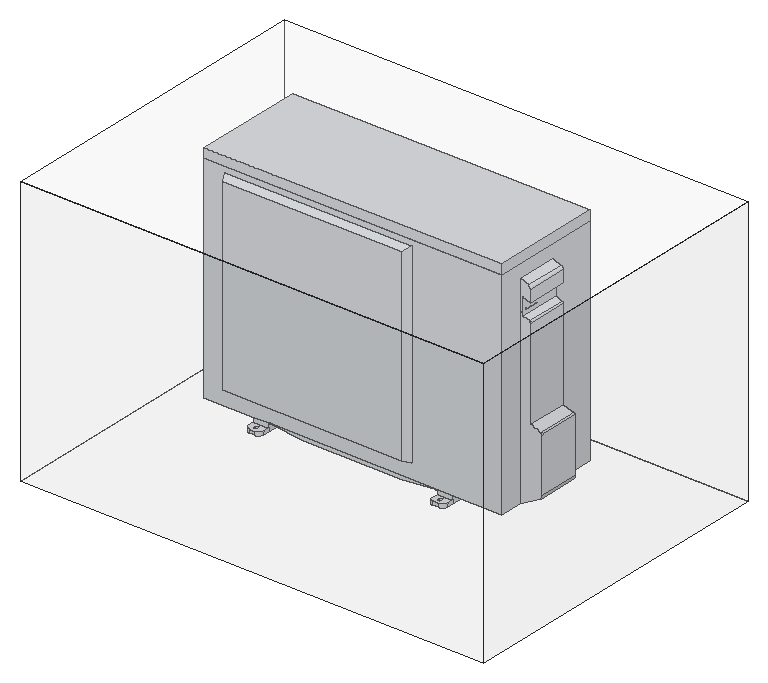
Revit family "puz-ermp4063ska14_50hz", category 機械設備, Revit 2019 (continued)
Definition of nested family "PUZ-ZRMP-1"
  Lines and regions (mm)
    model lines, visible <- "タイプ1", detail levels fine
      curve 341: arc (-404.5, -100, 64) -> (-404.5, -98.536, 60.464) -> (-404.5, -95, 59) r 5
    model lines, visible <- "タイプ3", not visible
      curve 342: line (-404.5, -100, 907) -> (-404.5, -60, 907)
      curve 343: line (-404.5, -100, 1097) -> (-404.5, -100, 907)
      curve 344: line (-404.5, -60, 1097) -> (-404.5, -100, 1097)
      curve 345: line (-404.5, -60, 907) -> (-404.5, -60, 1097)
      curve 346: line (-404.5, 60, 907) -> (-404.5, 100, 907)
      curve 347: line (-404.5, 60, 1097) -> (-404.5, 60, 907)
      curve 348: line (-404.5, 100, 1097) -> (-404.5, 60, 1097)
      curve 349: line (-404.5, 100, 907) -> (-404.5, 100, 1097)
      curve 350: line (-404.5, -46.667, 907) -> (-404.5, -6.667, 907)
      curve 351: line (-404.5, -46.667, 1097) -> (-404.5, -46.667, 907)
      curve 352: line (-404.5, -6.667, 1097) -> (-404.5, -46.667, 1097)
      curve 353: line (-404.5, -6.667, 907) -> (-404.5, -6.667, 1097)
      curve 354: line (-404.5, 6.667, 907) -> (-404.5, 46.667, 907)
      curve 355: line (-404.5, 6.667, 1097) -> (-404.5, 6.667, 907)
      curve 356: line (-404.5, 46.667, 1097) -> (-404.5, 6.667, 1097)
      curve 357: line (-404.5, 46.667, 907) -> (-404.5, 46.667, 1097)
      curve 358: line (-404.5, -100, 1112) -> (-404.5, -60, 1112)
      curve 359: line (-404.5, -100, 1302) -> (-404.5, -100, 1112)
      curve 360: line (-404.5, -60, 1302) -> (-404.5, -100, 1302)
      curve 361: line (-404.5, -60, 1112) -> (-404.5, -60, 1302)
      curve 362: line (-404.5, 60, 1112) -> (-404.5, 100, 1112)
      curve 363: line (-404.5, 60, 1302) -> (-404.5, 60, 1112)
      curve 364: line (-404.5, 100, 1302) -> (-404.5, 60, 1302)
      curve 365: line (-404.5, 100, 1112) -> (-404.5, 100, 1302)
      curve 366: line (-404.5, -46.667, 1112) -> (-404.5, -6.667, 1112)
      curve 367: line (-404.5, -46.667, 1302) -> (-404.5, -46.667, 1112)
      curve 368: line (-404.5, -6.667, 1302) -> (-404.5, -46.667, 1302)
      curve 369: line (-404.5, -6.667, 1112) -> (-404.5, -6.667, 1302)
      curve 370: line (-404.5, 6.667, 1112) -> (-404.5, 46.667, 1112)
      curve 371: line (-404.5, 6.667, 1302) -> (-404.5, 6.667, 1112)
      curve 372: line (-404.5, 46.667, 1302) -> (-404.5, 6.667, 1302)
      curve 373: line (-404.5, 46.667, 1112) -> (-404.5, 46.667, 1302)
    model lines, visible <- "タイプ2", not visible
      curve 374: line (-600, -100, 33.5) -> (-600, -60, 33.5)
      curve 375: line (-600, -100, 73.5) -> (-600, -100, 33.5)
      curve 376: line (-600, -60, 73.5) -> (-600, -100, 73.5)
      curve 377: line (-600, -60, 33.5) -> (-600, -60, 73.5)
      curve 378: line (-600, 60, 33.5) -> (-600, 100, 33.5)
      curve 379: line (-600, 60, 73.5) -> (-600, 60, 33.5)
      curve 380: line (-600, 100, 73.5) -> (-600, 60, 73.5)
      curve 381: line (-600, 100, 33.5) -> (-600, 100, 73.5)
      curve 382: line (-509, -46.667, 33.5) -> (-509, -6.667, 33.5)
      curve 383: line (-509, -46.667, 73.5) -> (-509, -46.667, 33.5)
      curve 384: line (-509, -6.667, 73.5) -> (-509, -46.667, 73.5)
      curve 385: line (-509, -6.667, 33.5) -> (-509, -6.667, 73.5)
      curve 386: line (-509, 6.667, 33.5) -> (-509, 46.667, 33.5)
      curve 387: line (-509, 6.667, 73.5) -> (-509, 6.667, 33.5)
      curve 388: line (-509, 46.667, 73.5) -> (-509, 6.667, 73.5)
      curve 389: line (-509, 46.667, 33.5) -> (-509, 46.667, 73.5)
      curve 483: line (-404.5, -100, 33.5) -> (-404.5, -60, 33.5)
      curve 484: line (-404.5, -100, 73.5) -> (-404.5, -100, 33.5)
      curve 485: line (-404.5, -60, 73.5) -> (-404.5, -100, 73.5)
      curve 486: line (-404.5, -60, 33.5) -> (-404.5, -60, 73.5)
      curve 487: line (-404.5, 60, 33.5) -> (-404.5, 100, 33.5)
      curve 488: line (-404.5, 60, 73.5) -> (-404.5, 60, 33.5)
      curve 489: line (-404.5, 100, 73.5) -> (-404.5, 60, 73.5)
      curve 490: line (-404.5, 100, 33.5) -> (-404.5, 100, 73.5)
      curve 491: line (-404.5, -46.667, 33.5) -> (-404.5, -6.667, 33.5)
      curve 492: line (-404.5, -46.667, 73.5) -> (-404.5, -46.667, 33.5)
      curve 493: line (-404.5, -6.667, 73.5) -> (-404.5, -46.667, 73.5)
      curve 494: line (-404.5, -6.667, 33.5) -> (-404.5, -6.667, 73.5)
      curve 495: line (-404.5, 6.667, 33.5) -> (-404.5, 46.667, 33.5)
      curve 496: line (-404.5, 6.667, 73.5) -> (-404.5, 6.667, 33.5)
      curve 497: line (-404.5, 46.667, 73.5) -> (-404.5, 6.667, 73.5)
      curve 498: line (-404.5, 46.667, 33.5) -> (-404.5, 46.667, 73.5)
    model lines, not visible
      curve 390: line (-404.5, -100, 87) -> (-404.5, -60, 87)
      curve 391: line (-404.5, -100, 277) -> (-404.5, -100, 87)
      curve 392: line (-404.5, -60, 277) -> (-404.5, -100, 277)
      curve 393: line (-404.5, -60, 87) -> (-404.5, -60, 277)
      curve 394: line (-404.5, -100, 292) -> (-404.5, -60, 292)
      curve 395: line (-404.5, -100, 482) -> (-404.5, -100, 292)
      curve 396: line (-404.5, -60, 482) -> (-404.5, -100, 482)
      curve 397: line (-404.5, -60, 292) -> (-404.5, -60, 482)
      curve 398: line (-404.5, -100, 497) -> (-404.5, -60, 497)
      curve 399: line (-404.5, -100, 687) -> (-404.5, -100, 497)
      curve 400: line (-404.5, -60, 687) -> (-404.5, -100, 687)
      curve 401: line (-404.5, -60, 497) -> (-404.5, -60, 687)
      curve 402: line (-404.5, -100, 702) -> (-404.5, -60, 702)
      curve 403: line (-404.5, -100, 892) -> (-404.5, -100, 702)
      curve 404: line (-404.5, -60, 892) -> (-404.5, -100, 892)
      curve 405: line (-404.5, -60, 702) -> (-404.5, -60, 892)
      curve 406: line (-404.5, 60, 87) -> (-404.5, 100, 87)
      curve 407: line (-404.5, 60, 277) -> (-404.5, 60, 87)
      curve 408: line (-404.5, 100, 277) -> (-404.5, 60, 277)
      curve 409: line (-404.5, 100, 87) -> (-404.5, 100, 277)
      curve 410: line (-404.5, -46.667, 87) -> (-404.5, -6.667, 87)
      curve 411: line (-404.5, -46.667, 277) -> (-404.5, -46.667, 87)
      curve 412: line (-404.5, -6.667, 277) -> (-404.5, -46.667, 277)
      curve 413: line (-404.5, -6.667, 87) -> (-404.5, -6.667, 277)
      curve 414: line (-404.5, 6.667, 87) -> (-404.5, 46.667, 87)
      curve 415: line (-404.5, 6.667, 277) -> (-404.5, 6.667, 87)
      curve 416: line (-404.5, 46.667, 277) -> (-404.5, 6.667, 277)
      curve 417: line (-404.5, 46.667, 87) -> (-404.5, 46.667, 277)
      curve 418: line (-404.5, 60, 292) -> (-404.5, 100, 292)
      curve 419: line (-404.5, 60, 482) -> (-404.5, 60, 292)
      curve 420: line (-404.5, 100, 482) -> (-404.5, 60, 482)
      curve 421: line (-404.5, 100, 292) -> (-404.5, 100, 482)
      curve 422: line (-404.5, 60, 702) -> (-404.5, 100, 702)
      curve 423: line (-404.5, 60, 892) -> (-404.5, 60, 702)
      curve 424: line (-404.5, 100, 892) -> (-404.5, 60, 892)
      curve 425: line (-404.5, 100, 702) -> (-404.5, 100, 892)
      curve 426: line (-404.5, -46.667, 292) -> (-404.5, -6.667, 292)
      curve 427: line (-404.5, -46.667, 482) -> (-404.5, -46.667, 292)
      curve 428: line (-404.5, -6.667, 482) -> (-404.5, -46.667, 482)
      curve 429: line (-404.5, -6.667, 292) -> (-404.5, -6.667, 482)
      curve 430: line (-404.5, -46.667, 497) -> (-404.5, -6.667, 497)
      curve 431: line (-404.5, -46.667, 687) -> (-404.5, -46.667, 497)
      curve 432: line (-404.5, -6.667, 687) -> (-404.5, -46.667, 687)
      curve 433: line (-404.5, -6.667, 497) -> (-404.5, -6.667, 687)
      curve 434: line (-404.5, -46.667, 702) -> (-404.5, -6.667, 702)
      curve 435: line (-404.5, -46.667, 892) -> (-404.5, -46.667, 702)
      curve 436: line (-404.5, -6.667, 892) -> (-404.5, -46.667, 892)
      curve 437: line (-404.5, -6.667, 702) -> (-404.5, -6.667, 892)
      curve 438: line (-404.5, 6.667, 292) -> (-404.5, 46.667, 292)
      curve 439: line (-404.5, 6.667, 482) -> (-404.5, 6.667, 292)
      curve 440: line (-404.5, 46.667, 482) -> (-404.5, 6.667, 482)
      curve 441: line (-404.5, 46.667, 292) -> (-404.5, 46.667, 482)
      curve 442: line (-404.5, 6.667, 497) -> (-404.5, 46.667, 497)
      curve 443: line (-404.5, 6.667, 687) -> (-404.5, 6.667, 497)
      curve 444: line (-404.5, 46.667, 687) -> (-404.5, 6.667, 687)
      curve 445: line (-404.5, 46.667, 497) -> (-404.5, 46.667, 687)
      curve 446: line (-404.5, 6.667, 702) -> (-404.5, 46.667, 702)
      curve 447: line (-404.5, 6.667, 892) -> (-404.5, 6.667, 702)
      curve 448: line (-404.5, 46.667, 892) -> (-404.5, 6.667, 892)
      curve 449: line (-404.5, 46.667, 702) -> (-404.5, 46.667, 892)
      curve 450: line (-338.5, -173.2, 372.5) -> (149.5, -173.2, 372.5)
      curve 451: line (149.5, -173.2, 277.5) -> (-338.5, -173.2, 277.5)
      curve 452: line (-338.5, -173.2, 467.5) -> (149.5, -173.2, 467.5)
      curve 453: line (-338.5, -173.2, 562.5) -> (149.5, -173.2, 562.5)
      curve 454: line (149.5, -173.2, 182.5) -> (-338.5, -173.2, 182.5)
      curve 455: line (149.5, -173.2, 87.5) -> (-338.5, -173.2, 87.5)
      curve 456: line (-321.071, -173.2, 579) -> (-321.071, -173.2, 71)
      curve 457: line (132.071, -173.2, 71) -> (132.071, -173.2, 579)
      curve 458: line (-303.643, -173.2, 579) -> (-303.643, -173.2, 71)
      curve 459: line (-286.214, -173.2, 579) -> (-286.214, -173.2, 71)
      curve 460: line (-268.786, -173.2, 579) -> (-268.786, -173.2, 71)
      curve 461: line (-251.357, -173.2, 579) -> (-251.357, -173.2, 71)
      curve 462: line (-233.929, -173.2, 579) -> (-233.929, -173.2, 71)
      curve 463: line (-216.5, -173.2, 579) -> (-216.5, -173.2, 71)
      curve 464: line (-199.071, -173.2, 579) -> (-199.071, -173.2, 71)
      curve 465: line (-181.643, -173.2, 579) -> (-181.643, -173.2, 71)
      curve 466: line (-164.214, -173.2, 579) -> (-164.214, -173.2, 71)
      curve 467: line (-146.786, -173.2, 579) -> (-146.786, -173.2, 71)
      curve 468: line (-129.357, -173.2, 579) -> (-129.357, -173.2, 71)
      curve 469: line (-111.929, -173.2, 579) -> (-111.929, -173.2, 71)
      curve 470: line (-94.5, -173.2, 579) -> (-94.5, -173.2, 71)
      curve 471: line (-77.071, -173.2, 579) -> (-77.071, -173.2, 71)
      curve 472: line (-59.643, -173.2, 579) -> (-59.643, -173.2, 71)
      curve 473: line (-42.214, -173.2, 579) -> (-42.214, -173.2, 71)
      curve 474: line (-24.786, -173.2, 579) -> (-24.786, -173.2, 71)
      curve 475: line (-7.357, -173.2, 579) -> (-7.357, -173.2, 71)
      curve 476: line (10.071, -173.2, 579) -> (10.071, -173.2, 71)
      curve 477: line (27.5, -173.2, 579) -> (27.5, -173.2, 71)
      curve 478: line (44.929, -173.2, 579) -> (44.929, -173.2, 71)
      curve 479: line (62.357, -173.2, 579) -> (62.357, -173.2, 71)
      curve 480: line (79.786, -173.2, 579) -> (79.786, -173.2, 71)
      curve 481: line (97.214, -173.2, 579) -> (97.214, -173.2, 71)
      curve 482: line (114.643, -173.2, 579) -> (114.643, -173.2, 71)
    symbolic lines, visible <- "タイプ1"
      curve 499: line (-278.151, 150, 630) -> (-404.5, 150, 630)
      curve 500: line (-404.5, 150, 630) -> (-404.5, -5.599, 630)
      curve 501: line (-404.5, 40, 630) -> (-424.5, 30, 630)
      curve 502: line (-424.5, 30, 630) -> (-424.5, -30, 630)
      curve 503: line (-424.5, -30, 630) -> (-404.5, -40, 630)
      curve 504: line (-404.5, -5.599, 630) -> (-404.5, -150, 630)
      curve 505: line (-404.5, -150, 630) -> (-301.612, -150, 630)
      curve 506: arc (-272.806, -170, 630) -> (-268.124, -177.204, 630) -> (-260, -180, 630) r 13.2
      curve 507: line (-260, -180, 630) -> (-243.332, -180, 630)
      curve 508: arc (-243.332, -180, 630) -> (-235.208, -177.204, 630) -> (-230.526, -170, 630) r 13.2
      curve 509: line (-301.612, -150, 630) -> (280.999, -150, 630)
      curve 510: line (230, -150, 630) -> (230, -170, 630)
      curve 511: arc (230, -170, 630) -> (232.929, -177.071, 630) -> (240, -180, 630) r 10
      curve 512: line (240, -180, 630) -> (256.8, -180, 630)
      curve 513: arc (256.8, -180, 630) -> (266.134, -176.134, 630) -> (270, -166.8, 630) r 13.2
      curve 514: line (270, -166.8, 630) -> (270, -150, 630)
      curve 515: line (280.999, -150, 630) -> (404.5, -150, 630)
      curve 516: line (404.5, -150, 630) -> (404.5, -77.105, 630)
      curve 517: line (404.5, -90, 630) -> (466.5, -90, 630)
      curve 518: line (466.5, -90, 630) -> (466.5, 20, 630)
      curve 519: line (466.5, 20, 630) -> (404.5, 20, 630)
      curve 520: line (404.5, -77.105, 630) -> (404.5, 150, 630)
      curve 521: line (404.5, 150, 630) -> (308.975, 150, 630)
      curve 522: line (270, 150, 630) -> (270, 180, 630)
      curve 523: line (270, 180, 630) -> (230, 180, 630)
      curve 524: line (230, 180, 630) -> (230, 150, 630)
      curve 525: line (308.975, 150, 630) -> (-278.151, 150, 630)
      curve 526: line (-230, 150, 630) -> (-230, 180, 630)
      curve 527: line (-230, 180, 630) -> (-270, 180, 630)
      curve 528: line (-270, 180, 630) -> (-270, 150, 630)
      curve 529: line (-324.5, 100, 630) -> (324.5, 100, 630)
      curve 530: line (-324.5, 40, 630) -> (-324.5, 100, 630)
      curve 531: line (324.5, 40, 630) -> (-324.5, 40, 630)
      curve 532: line (324.5, 100, 630) -> (324.5, 40, 630)
      curve 533: line (324.5, 30, 630) -> (-324.5, 30, 630)
      curve 534: line (324.5, -30, 630) -> (324.5, 30, 630)
      curve 535: line (-324.5, -30, 630) -> (324.5, -30, 630)
      curve 536: line (-324.5, 30, 630) -> (-324.5, -30, 630)
      curve 537: line (-324.5, -40, 630) -> (324.5, -40, 630)
      curve 538: line (-324.5, -100, 630) -> (-324.5, -40, 630)
      curve 539: line (324.5, -100, 630) -> (-324.5, -100, 630)
      curve 540: line (324.5, -40, 630) -> (324.5, -100, 630)
      curve 541: line (339.5, 100, 630) -> (354.5, 100, 630)
      curve 542: line (339.5, -100, 630) -> (339.5, 100, 630)
      curve 543: line (354.5, -100, 630) -> (339.5, -100, 630)
      curve 544: line (354.5, 100, 630) -> (354.5, -100, 630)
      curve 545: line (-354.5, 100, 630) -> (-339.5, 100, 630)
      curve 546: line (-354.5, -100, 630) -> (-354.5, 100, 630)
      curve 547: line (-339.5, -100, 630) -> (-354.5, -100, 630)
      curve 548: line (-339.5, 100, 630) -> (-339.5, -100, 630)
      curve 549: line (-338.5, -170, 630) -> (149.5, -170, 630)
      curve 550: line (149.5, -170, 630) -> (159.5, -150, 630)
      curve 551: line (-348.5, -150, 630) -> (-338.5, -170, 630)
  Dimensions and locks
    equal spacing: plane 8, plane 1 "中心(正面/背面)", plane 7
    "奥行き": plane 8 to plane 7
    equal spacing: plane 5, plane 3 "中心(左/右)", plane 6
    "幅さ": plane 5 to plane 6
    "高さ": plane 4 to level
    locked: plane 6 to plane 9 at 62
    locked: plane 8 to plane 10 at 60
    locked: plane 8 to plane 11 at 170
    locked: plane 4 to plane 12 at 25
    locked: plane 13 to plane 5 at 20
    "吊りボルト-D": plane 17 to plane 16
    equal spacing: plane 17, plane 1 "中心(正面/背面)", plane 16
    equal spacing: plane 14, plane 3 "中心(左/右)", plane 15
    "吊りボルト-W": plane 14 to plane 15
    plane 21 to plane 14 to plane 20 = 20 mm locked, 20 mm locked
    plane 19 to plane 15 to plane 18 = 20 mm locked, 20 mm locked
    locked: plane 16 to plane 22 at 15
    locked: plane 23 to plane 17 at 15
    locked: plane 24 to level at 8.5
    locked: plane 25 to level at 20
    locked: plane 26 to plane 24 at 3
    locked: plane 4 to plane 29 at 5
    plane 7 to plane 1 "中心(正面/背面)" to plane 8 = 150 mm, 150 mm
    plane 31 to plane 1 "中心(正面/背面)" to plane 30 = 40 mm locked, 40 mm locked
    plane 33 to plane 1 "中心(正面/背面)" to plane 32 = 30 mm locked, 30 mm locked
    locked: plane 34 to plane 12 at 5
    locked: plane 35 to level at 55
    locked: plane 36 to level at 225
    equal spacing: plane 6, plane 39, plane 9
    locked: plane 6 to plane 38 at 10
    locked: plane 20 to plane 27 at 95
    locked: plane 28 to plane 19 at 95
    "換気-D": plane 40 to plane 8
    "換気-W": plane 41 to plane 5
    "換気-H1": plane 42 to level
    plane 43 to plane 41 to plane 44 = 254 mm locked, 254 mm locked
    plane 45 to plane 42 to plane 46 = 264 mm locked, 264 mm locked
    locked: plane 43 to plane 48 at 10
    locked: plane 47 to plane 44 at 10
    locked: plane 45 to plane 49 at 10
    locked: plane 50 to plane 46 at 10
    locked: curve 26 to plane 50 at 16.5
    locked: plane 49 to curve 24 at 16.5
    equal spacing: curve 24, curve 23, curve 21, curve 22, curve 25, curve 26
    equal spacing: plane 48, curve 28, curve 53, curve 52, curve 51, curve 50, curve 49, curve 48, curve 47, curve 46, curve 45, curve 44, curve 43, curve 42, curve 41, curve 40, curve 39, curve 38, curve 37, curve 36, curve 35, curve 34, curve 33, curve 32, curve 31, curve 30, curve 29, curve 27, plane 47
    locked: curve 4 to curve 6 at 10
    locked: curve 3 to curve 5 at 10
    locked: plane 51 to plane 7 at 50
    locked: plane 8 to plane 52 at 50
    equal spacing: group 1, group 2, group 3, group 4, group 5, group 6, group 7, group 8, group 9, group 10, group 11, group 12, group 13, group 14, group 15, group 16, group 17, group 18  (x2)
    equal spacing: group 18, group 17, group 16, group 15, group 14, group 13, group 12, group 11, group 10, group 9, group 8, group 7, group 6, group 5, group 4, group 3, group 2, group 1
    "ドレン管径-X": plane 5 to plane 53
    "ドレン管径-Y": plane 8 to plane 54
    "配線取出口-Y": plane 57 to plane 7
    "冷媒液管径-Y": plane 58 to plane 7
    "冷媒ガス管径-Y": plane 59 to plane 7
    "配線取出口-X": plane 3 "中心(左/右)" to plane 56
    "冷媒ガス管径-X": plane 3 "中心(左/右)" to plane 55
    "冷媒液管径-X": plane 3 "中心(左/右)" to plane 60
    "冷媒液管径-Z": plane 62 to level
    "冷媒ガス管径-Z": plane 61 to level
    "配線取出口-Z": plane 63 to level
    locked: plane 57 to plane 64 at 50
    locked: plane 65 to plane 61 at 37.8
    locked: plane 66 to plane 62 at 16.1
    equal spacing: plane 55, plane 67, plane 60
    equal spacing: plane 58, plane 68, plane 59
    "a": plane 69 "グループ" to plane 3 "中心(左/右)"
    plane 71 to level = 943 mm
    plane 70 to level = 1338 mm
    locked: plane 37 to level at 570
    curve 21 to plane 42 to curve 22 = 47.5 mm locked, 47.5 mm locked
    "換気-H2": plane 72 to plane 42
    plane 73 to plane 72 to plane 74 = 264 mm locked, 264 mm locked
    locked: plane 76 to plane 74 at 10
    locked: plane 73 to plane 75 at 10
    plane 48 to plane 47 = 488 mm
    plane 68 to plane 7 = 185.5 mm
    plane 61 to level = 99.5 mm
    plane 65 to plane 61 = 37.8 mm
    plane 62 to level = 164.5 mm
    plane 66 to plane 62 = 16.1 mm
    plane 68 to plane 77 to plane 78 = 23 mm locked, 17.5 mm locked
    plane 68 to plane 77 = 23 mm
    plane 77 to plane 78 = 17.5 mm
    equal spacing: plane 77, plane 79, plane 78
    "ドレン配管サイズ": diameter of Extrusion 3 sketch curve
    "配線取出口サイズ": diameter of Extrusion 9 sketch curve
    "吊りボルト-φ": diameter of Extrusion 10 sketch curve  (x4)
    "冷媒配管サイズ": diameter of Sweep 11 sketch curve
    "ガス配管サイズ": diameter of Sweep 12 sketch curve
    aligned and locked: level to plane 2
    aligned and locked: Extrusion 1 to level
    aligned and locked: plane 25 to Extrusion 1
    aligned and locked: Extrusion 2 sketch curve to plane 25
    aligned and locked: Extrusion 2 sketch curve to plane 26
    aligned and locked: Extrusion 2 to plane 7
    aligned and locked: plane 8 to Extrusion 2
    aligned and locked: Extrusion 3 to plane 26
    aligned and locked: Extrusion 3 to plane 24
    aligned and locked: Extrusion 4 sketch curve to plane 7
    aligned and locked: Extrusion 4 sketch curve to plane 8
    aligned and locked: Extrusion 4 sketch curve to plane 5
    aligned and locked: Extrusion 4 sketch curve to plane 6
    aligned and locked: Extrusion 4 to plane 25
    aligned and locked: plane 12 to Extrusion 4
    aligned and locked: Extrusion 5 sketch curve to Extrusion 4  (x4)
    aligned and locked: Extrusion 5 to plane 12
    aligned and locked: plane 4 to Extrusion 5
    aligned and locked: plane 29 to Blend 6 sketch curve
    aligned and locked: Blend 6 sketch curve to plane 31
    aligned and locked: Blend 6 sketch curve to plane 12  (x2)
    aligned and locked: plane 30 to Blend 6 sketch curve
    aligned and locked: plane 34 to Blend 6 sketch curve
    aligned and locked: Blend 6 sketch curve to plane 33
    aligned and locked: plane 32 to Blend 6 sketch curve
    aligned and locked: Blend 6 to plane 13
    aligned and locked: plane 5 to Blend 6
    aligned and locked: Extrusion 7 sketch curve to plane 6
    aligned and locked: Extrusion 7 sketch curve to plane 9
    aligned and locked: Extrusion 7 sketch curve to plane 39
    aligned and locked: Extrusion 7 sketch curve to Extrusion 7 sketch curve
    aligned and locked: Extrusion 7 sketch curve to plane 38
    aligned and locked: Extrusion 7 to plane 11
    aligned and locked: plane 10 to Extrusion 7
    aligned and locked: Blend 8 sketch curve to plane 45
    aligned and locked: Blend 8 sketch curve to plane 46
    aligned and locked: Blend 8 sketch curve to plane 44
    aligned and locked: Blend 8 sketch curve to plane 43
    aligned and locked: Blend 8 sketch curve to plane 49
    aligned and locked: Blend 8 sketch curve to plane 47
    aligned and locked: Blend 8 sketch curve to plane 48
    aligned and locked: Blend 8 sketch curve to plane 50
    aligned and locked: Blend 8 to plane 8
    aligned and locked: plane 40 to Blend 8
    aligned and locked: curve 17 to plane 51
    aligned and locked: curve 1 to plane 51
    aligned and locked: plane 51 to curve 19
    aligned and locked: curve 18 to plane 52
    aligned and locked: plane 52 to curve 2
    aligned and locked: plane 52 to curve 20
    aligned and locked: plane 53 to Extrusion 3 sketch curve
    aligned and locked: plane 54 to Extrusion 3 sketch curve
    aligned and locked: plane 63 to Extrusion 9 sketch curve
    aligned and locked: plane 56 to Extrusion 9 sketch curve
    aligned and locked: plane 57 to Extrusion 9
    aligned and locked: Extrusion 9 to plane 64
    aligned and locked: plane 22 to Extrusion 10 sketch curve  (x4)
    aligned and locked: plane 21 to Extrusion 10 sketch curve
    aligned and locked: Extrusion 2 to Extrusion 10 sketch curve  (x2)
    aligned and locked: Extrusion 10 sketch curve to Extrusion 1  (x6)
    aligned and locked: plane 19 to Extrusion 10 sketch curve
    aligned and locked: Extrusion 10 sketch curve to plane 23  (x2)
    aligned and locked: Extrusion 10 sketch curve to plane 18
    aligned and locked: Extrusion 10 sketch curve to plane 20
    aligned and locked: plane 16 to Extrusion 10 sketch curve  (x2)
    aligned and locked: plane 14 to Extrusion 10 sketch curve  (x2)
    aligned and locked: plane 17 to Extrusion 10 sketch curve  (x2)
    aligned and locked: plane 15 to Extrusion 10 sketch curve  (x2)
    aligned and locked: level to Extrusion 10
    aligned and locked: plane 24 to Extrusion 10
    aligned and locked: Masking region 1 sketch curve to Extrusion 5  (x4)
    aligned and locked: Masking region 1 sketch curve to Blend 6  (x3)
    aligned and locked: Masking region 1 sketch curve to Extrusion 7  (x2)
    aligned and locked: Masking region 1 sketch curve to plane 9
    aligned and locked: Masking region 1 sketch curve to Extrusion 10  (x8)
    aligned and locked: Masking region 1 to curve 499
    aligned and locked: curve 500 to Masking region 1
    aligned and locked: curve 501 to Masking region 1
    aligned and locked: curve 502 to Masking region 1
    aligned and locked: curve 503 to Masking region 1
    aligned and locked: curve 504 to Masking region 1
    aligned and locked: curve 505 to Masking region 1
    aligned and locked: curve 506 to Masking region 1
    aligned and locked: curve 508 to Masking region 1
    aligned and locked: curve 510 to Masking region 1
    aligned and locked: curve 511 to Masking region 1
    aligned and locked: curve 513 to Masking region 1
    aligned and locked: Masking region 1 to curve 515
    aligned and locked: curve 516 to Masking region 1
    aligned and locked: curve 517 to Masking region 1
    aligned and locked: curve 518 to Masking region 1
    aligned and locked: curve 519 to Masking region 1
    aligned and locked: curve 520 to Masking region 1
    aligned and locked: curve 521 to Masking region 1
    aligned and locked: curve 522 to Masking region 1
    aligned and locked: curve 523 to Masking region 1
    aligned and locked: curve 524 to Masking region 1
    aligned and locked: curve 525 to Masking region 1
    aligned and locked: curve 526 to Masking region 1
    aligned and locked: curve 527 to Masking region 1
    aligned and locked: curve 528 to Masking region 1
    aligned and locked: curve 532 to curve 12
    aligned and locked: Masking region 1 sketch curve to curve 21
    aligned and locked: Masking region 1 sketch curve to Blend 8  (x2)
    aligned and locked: curve 549 to Blend 8
    aligned and locked: curve 550 to Blend 8
    aligned and locked: curve 551 to Blend 8
    aligned and locked: plane 78 to Sweep 12 sketch curve
    aligned and locked: plane 58 to Sweep 12 sketch curve
    aligned and locked: plane 77 to Sweep 11 sketch curve
    aligned and locked: plane 58 to Sweep 11 sketch curve
    aligned and locked: plane 61 to Sweep 12 sketch curve
  Automatic sketch dimensions
    Extrusion 2 sketch curve to plane 20 = 0 mm
    Extrusion 2 sketch curve to plane 27 = 0 mm
    Extrusion 2 sketch curve to plane 28 = 0 mm
    Extrusion 2 sketch curve to plane 19 = 0 mm
    Extrusion 7 sketch curve to plane 39 = 0 mm
    Extrusion 7 sketch curve to plane 25 = 0 mm
    Extrusion 7 sketch curve to plane 36 = 0 mm
    Extrusion 7 sketch curve to plane 37 = 0 mm
    Extrusion 7 sketch curve to Extrusion 7 sketch curve = 10 mm
    Extrusion 7 sketch curve to plane 39 = 6.58 mm
    Extrusion 7 sketch curve to Extrusion 7 sketch curve = 5 mm  (x2)
    plane 39 to Extrusion 7 sketch curve = 21 mm
    Extrusion 7 sketch curve to plane 39 = 3.29 mm
    Extrusion 7 sketch curve to plane 9 = 3.29 mm
    Extrusion 7 sketch curve to plane 35 = 2.87 mm
    Extrusion 7 sketch curve to Extrusion 7 sketch curve = 81.633 mm
    Extrusion 7 sketch curve to Extrusion 7 sketch curve = 30.244 mm
    Extrusion 7 sketch curve to Extrusion 7 sketch curve = 7.643 mm
    plane 7 to Extrusion 1 sketch curve = 0 mm  (x2)
    Extrusion 1 sketch curve to plane 18 = 0 mm
    plane 8 to Extrusion 1 sketch curve = 0 mm  (x2)
    Extrusion 1 sketch curve to plane 19 = 0 mm
    Extrusion 1 sketch curve to plane 20 = 0 mm
    Extrusion 1 sketch curve to plane 21 = 0 mm
    curve 383 to curve 384 = 40 mm
    curve 382 to curve 386 = 13.333 mm
    curve 386 to curve 386 = 40 mm
    curve 382 to curve 389 = 0 mm
    curve 382 to curve 384 = 40 mm
    curve 384 to curve 387 = 0 mm
    curve 375 to curve 376 = 40 mm
    curve 374 to curve 378 = 120 mm
    curve 378 to curve 378 = 40 mm
    curve 374 to curve 381 = 0 mm
    curve 374 to curve 376 = 40 mm
    curve 378 to curve 379 = 40 mm
    curve 25 to plane 47 = 0 mm
    curve 24 to plane 47 = 0 mm
    curve 22 to plane 47 = 0 mm
    curve 23 to plane 47 = 0 mm
    curve 26 to plane 47 = 0 mm
    curve 21 to plane 47 = 0 mm
    curve 24 to plane 48 = 0 mm
    curve 25 to plane 48 = 0 mm
    curve 26 to plane 48 = 0 mm
    curve 23 to plane 48 = 0 mm
    curve 22 to plane 48 = 0 mm
    curve 21 to plane 48 = 0 mm
    curve 37 to plane 50 = 0 mm
    curve 52 to plane 50 = 0 mm
    curve 51 to plane 50 = 0 mm
    curve 50 to plane 50 = 0 mm
    curve 49 to plane 50 = 0 mm
    curve 48 to plane 50 = 0 mm
    curve 47 to plane 50 = 0 mm
    curve 46 to plane 50 = 0 mm
    curve 45 to plane 50 = 0 mm
    curve 44 to plane 50 = 0 mm
    curve 43 to plane 50 = 0 mm
    curve 42 to plane 50 = 0 mm
    curve 41 to plane 50 = 0 mm
    curve 27 to plane 50 = 0 mm
    curve 28 to plane 50 = 0 mm
    curve 40 to plane 50 = 0 mm
    curve 39 to plane 50 = 0 mm
    curve 29 to plane 50 = 0 mm
    curve 38 to plane 50 = 0 mm
    curve 30 to plane 50 = 0 mm
    curve 53 to plane 50 = 0 mm
    curve 31 to plane 50 = 0 mm
    curve 36 to plane 50 = 0 mm
    curve 32 to plane 50 = 0 mm
    curve 35 to plane 50 = 0 mm
    curve 33 to plane 50 = 0 mm
    curve 34 to plane 50 = 0 mm
    curve 28 to plane 49 = 0 mm
    curve 41 to plane 49 = 0 mm
    curve 27 to plane 49 = 0 mm
    curve 42 to plane 49 = 0 mm
    curve 31 to plane 49 = 0 mm
    curve 40 to plane 49 = 0 mm
    curve 37 to plane 49 = 0 mm
    curve 39 to plane 49 = 0 mm
    curve 32 to plane 49 = 0 mm
    curve 45 to plane 49 = 0 mm
    curve 36 to plane 49 = 0 mm
    curve 46 to plane 49 = 0 mm
    curve 43 to plane 49 = 0 mm
    curve 47 to plane 49 = 0 mm
    curve 29 to plane 49 = 0 mm
    curve 48 to plane 49 = 0 mm
    curve 30 to plane 49 = 0 mm
    curve 49 to plane 49 = 0 mm
    curve 44 to plane 49 = 0 mm
    curve 50 to plane 49 = 0 mm
    curve 33 to plane 49 = 0 mm
    curve 51 to plane 49 = 0 mm
    curve 35 to plane 49 = 0 mm
    curve 52 to plane 49 = 0 mm
    curve 38 to plane 49 = 0 mm
    curve 53 to plane 49 = 0 mm
    curve 34 to plane 49 = 0 mm
    Masking region 1 sketch curve to plane 5 = 0 mm
    Masking region 1 sketch curve to plane 6 = 0 mm
    plane 7 to Masking region 1 sketch curve = 0 mm  (x2)
    Masking region 1 sketch curve to plane 15 = 10 mm
    Masking region 1 sketch curve to plane 19 = 0 mm
    plane 8 to Masking region 1 sketch curve = 0 mm  (x2)
    plane 32 to curve 535 = 0 mm
    plane 33 to curve 534 = 0 mm
    curve 541 to plane 56 = 45.5 mm
    curve 13 to curve 20 = 15 mm
    plane 18 to curve 535 = 54.5 mm
    curve 532 to curve 6 = 0 mm
    curve 537 to curve 5 = 0 mm
    plane 47 to curve 536 = 14 mm
    plane 47 to curve 538 = 14 mm
    plane 47 to curve 1 = 14 mm
    curve 16 to plane 47 = 1 mm
    curve 15 to plane 44 = 6 mm
    plane 1 "中心(正面/背面)" to curve 504 = 5.599 mm
    curve 528 to curve 499 = 8.151 mm
    curve 521 to curve 522 = 38.975 mm
    curve 516 to plane 10 = 12.895 mm
    curve 515 to curve 514 = 10.999 mm
    plane 40 to Masking region 1 sketch curve = 0 mm
    Masking region 1 sketch curve to plane 40 = 3.2 mm  (x2)
    Masking region 1 sketch curve to plane 14 = 10 mm
    Masking region 1 sketch curve to plane 20 = 0.526 mm
    curve 509 to plane 21 = 31.612 mm
    Sweep 12 sketch curve to plane 65 = 0 mm
    Sweep 11 sketch curve to plane 62 = 0 mm
    Sweep 11 sketch curve to plane 66 = 0 mm
    plane 40 to Extrusion 10 sketch curve = 0 mm
    plane 17 to Extrusion 10 sketch curve = 0 mm  (x2)
    Extrusion 10 sketch curve to Extrusion 10 sketch curve = 1.8 mm  (x3)
    plane 17 to Extrusion 10 sketch curve = 1.8 mm  (x2)
    Extrusion 10 sketch curve to Extrusion 10 sketch curve = 0 mm
    Sweep 11 sketch curve to plane 67 = 0 mm
    Sweep 11 sketch curve to profile plane = 0 mm
    Sweep 12 sketch curve to plane 67 = 0 mm
    Sweep 12 sketch curve to profile plane = 0 mm
Definition of nested family "固定点"
  Parameters (values of type "固定点")
    中心円 = if(W > 599 mm, 12 mm, 10 mm)  # 12 mm
    W = 1000 mm
    D = 1000 mm
  Reference planes
    plane 1 "中心(正面/背面)": y = 0
    plane 2: z = 0
    plane 3 "中心(左/右)": x = 0
    plane 4: x = 1000
    plane 5: y = 1000
  Lines and regions (mm)
    symbolic lines, detail levels fine
      curve 1: circle (0, 1000, 0) r 6 normal (0, 0, 1)
      curve 2: circle (0, 0, 0) r 6 normal (0, 0, 1)
      curve 3: circle (1000, 1000, 0) r 6 normal (0, 0, 1)
      curve 4: circle (1000, 0, 0) r 6 normal (0, 0, 1)
      curve 5: line (-200, 1000, 0) -> (1200, 1000, 0)
      curve 6: line (-200, 0, 0) -> (1200, 0, 0)
      curve 7: line (0, 1200, 0) -> (0, -200, 0)
      curve 8: line (1000, 1200, 0) -> (1000, -200, 0)
  Dimensions and locks
    "W": plane 3 "中心(左/右)" to plane 4
    "D": plane 1 "中心(正面/背面)" to plane 5
    "中心円": diameter of curve 1
    "中心円": diameter of curve 2
    "中心円": diameter of curve 3
    "中心円": diameter of curve 4
    aligned and locked: level to plane 2
    aligned and locked: plane 5 to curve 1
    aligned and locked: plane 3 "中心(左/右)" to curve 1
    aligned and locked: plane 3 "中心(左/右)" to curve 2
    aligned and locked: plane 1 "中心(正面/背面)" to curve 2
    aligned and locked: plane 4 to curve 3
    aligned and locked: plane 5 to curve 3
    aligned and locked: plane 1 "中心(正面/背面)" to curve 4
    aligned and locked: plane 4 to curve 4
    aligned and locked: plane 1 "中心(正面/背面)" to curve 6
    aligned and locked: curve 7 to plane 3 "中心(左/右)"
    aligned and locked: curve 8 to plane 4
  Automatic sketch dimensions
    curve 5 to plane 5 = 0 mm
    curve 6 to plane 3 "中心(左/右)" = 200 mm
    curve 5 to plane 3 "中心(左/右)" = 200 mm
    curve 4 to curve 6 = 200 mm
    curve 3 to curve 5 = 200 mm
    plane 1 "中心(正面/背面)" to curve 8 = 200 mm
    plane 1 "中心(正面/背面)" to curve 7 = 200 mm
    curve 3 to curve 8 = 200 mm
    curve 1 to curve 7 = 200 mm
Types (10, lengths in mm): name | 音響パワーレベル_暖房 (dB) | 音響パワーレベル_冷房 (dB) | 音響パワーレベル(dB) | 電動機出力_圧縮機 | 質量 | 製品質量 | 相 | 構成品番 | 極数 | 最小電線太さ_mm2 | 暖房能力 | 推奨ブレーカー容量 | 冷房能力
  室外機_PUZ-ERMP40SKA14 (-BS_BSG) | 66 | 64 | 66 | 0.7 kW | 48.00 kg | 40.00 kg | 1 | "PUZ-ERMP40SKA14 (-BS,-BSG)" | 1 | 3.5 | 4 kW | 20 A | 3.6 kW
  室外機_PUZ-ERMP40KA14 (-BS_BSG) | 66 | 64 | 66 | 0.7 kW | 45.60 kg | 38.00 kg | 3 | "PUZ-ERMP40KA14 (-BS,-BSG)" | 3 | 2 | 4 kW | 15 A | 3.6 kW
  室外機_PUZ-ERMP45SKA14 (-BS_BSG) | 66 | 64 | 66 | 0.9 kW | 48.00 kg | 40.00 kg | 1 | "PUZ-ERMP45SKA14 (-BS,-BSG)" | 1 | 3.5 | 4.5 kW | 20 A | 4 kW
  室外機_PUZ-ERMP45KA14 (-BS_BSG) | 66 | 64 | 66 | 0.9 kW | 45.60 kg | 38.00 kg | 3 | "PUZ-ERMP45KA14 (-BS,-BSG)" | 3 | 2 | 4.5 kW | 15 A | 4 kW
  室外機_PUZ-ERMP50SKA14 (-BS_BSG) | 67 | 65 | 67 | 1 kW | 48.00 kg | 40.00 kg | 1 | "PUZ-ERMP50SKA14 (-BS,-BSG)" | 1 | 3.5 | 5 kW | 20 A | 4.5 kW
  室外機_PUZ-ERMP50KA14 (-BS_BSG) | 67 | 65 | 67 | 1 kW | 45.60 kg | 38.00 kg | 3 | "PUZ-ERMP50KA14 (-BS,-BSG)" | 3 | 2 | 5 kW | 15 A | 4.5 kW
  室外機_PUZ-ERMP56SKA14 (-BS_BSG) | 67 | 65 | 67 | 1.2 kW | 48.00 kg | 40.00 kg | 1 | "PUZ-ERMP56SKA14 (-BS,-BSG)" | 1 | 3.5 | 5.6 kW | 20 A | 5 kW
  室外機_PUZ-ERMP56KA14 (-BS_BSG) | 67 | 65 | 67 | 1.2 kW | 45.60 kg | 38.00 kg | 3 | "PUZ-ERMP56KA14 (-BS,-BSG)" | 3 | 2 | 5.6 kW | 15 A | 5 kW
  室外機_PUZ-ERMP63SKA14 (-BS_BSG) | 67 | 65 | 67 | 1.3 kW | 48.00 kg | 40.00 kg | 1 | "PUZ-ERMP63SKA14 (-BS,-BSG)" | 1 | 3.5 | 6.3 kW | 30 A | 5.6 kW
  室外機_PUZ-ERMP63KA14 (-BS_BSG) | 67 | 65 | 67 | 1.3 kW | 46.80 kg | 39.00 kg | 3 | "PUZ-ERMP63KA14 (-BS,-BSG)" | 3 | 2 | 6.3 kW | 15 A | 5.6 kW
